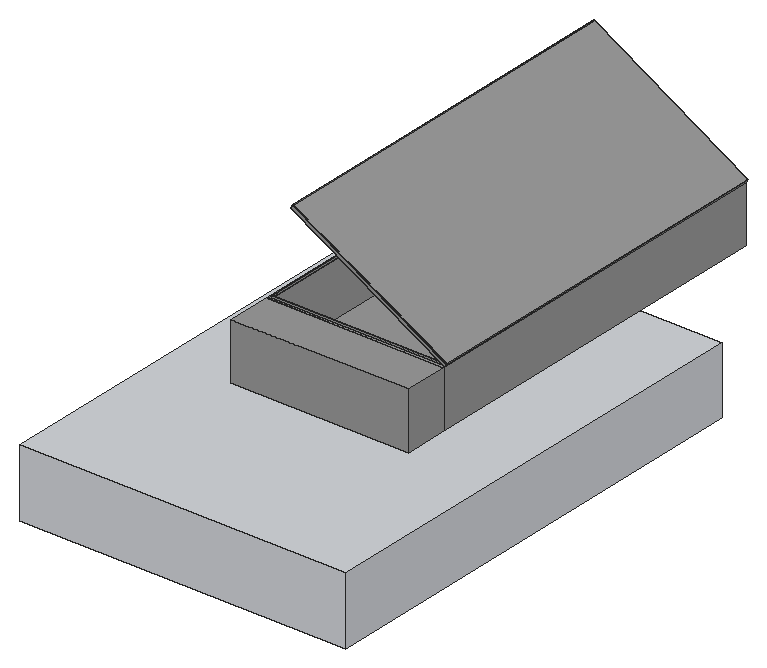
Revit family "Hager-Univers-IP55-D275-H1900-Cl.II-Steel_encl-CH-de", category Equipement électrique, Revit 2020
Family settings
  Hôte = Face
  Configuration du panneau = Deux colonnes, circuits au sein
  Cote de connecteur circulaire = Utiliser le diamètre
  Type d'élément = Tableau de raccordement
  Couper avec des vides une fois chargée = Non
  Partagée = Non
  Point de calcul de pièce = Non
Parameters (values of type "Bodenaufstellung IP55 B800 H1900 T275  - FR13S2")
  Width Control [instance] = if([EF000008 - Breite] > Min Width, [EF000008 - Breite], Min Width)  # 800 mm
  Commentaires du type = [HG000003 - Bereich]  # "Univers"
  Thickness Door [instance] = if([EF009171 - Materialstärke Tür/Deckel] > 3 mm, 3 mm, [EF009171 - Materialstärke Tür/Deckel])  # 1.5 mm
  Seal Frame Offset [instance] = 17 mm  # constant formula
  Plinth Visibility [instance] = [HG000027 - Sockelhöhe] > 0 mm  # yes
  Model = ""
  Min Width [instance] = 100 mm  # constant formula
  Min Height [instance] = 100 mm  # constant formula
  Min Depth [instance] = (2 * [EF009170 - Materialstärke Gehäuse]) + 1 mm  # 4 mm
  Internal Frame Depth [instance] = (Door System Depth * 0.5)  # 9 mm
  Height Control [instance] = if([EF000040 - Höhe] > Min Height, [EF000040 - Höhe], Min Height)  # 1900 mm
  HG000027 - Sockelhöhe = 200 mm
  HG000026 - Stehend auf dem Boden = yes
  HG000024 - Höhe des unteren Teils = 800 mm
  HG000023 - Gehäuse mit doppeltem Querschnitt = no
  HG000016 - 3D-Türsichtbarkeit [instance] = yes
  HG000015 - Sichtbarkeit der Türöffnung [instance] = no
  HG000014 - Tür rechts [instance] = yes
  HG000013 - Tür links [instance] = not([HG000014 - Tür rechts])  # no
  HG000012 - Türschwenkwinkel [instance] = 30.00°
  HG000010 - Asymmetrische Türen = no
  HG000009 - Doppelflügeligen Tür = no
  HG000006 - Unterputz = no
  HG000004 - Herstellerreferenz = "FR13S2"
  HG000003 - Bereich = "Univers"
  HG000002 - Mit tür = yes
  Frame Offset Bottom [instance] = 10 mm  # constant formula
  Frame Offset [instance] = 15 mm  # constant formula
  EF015940 - Deckel mit Überdruckentlastung = no
  EF011959 - Schutzart (NEMA) = ""
  EF009554 - Anzahl der Öffnungen für Flanschplatten = 6
  Fabricant = "Hager"  # constant formula
  EF009212 - Ausführung Deckel = "EV000116 - geschlossen"
  EF009171 - Materialstärke Tür/Deckel = 1.5 mm
  EF009170 - Materialstärke Gehäuse = 1.5 mm
  EF008873 - Nennstrom (In) = 800 A
  EF007800 - Geeignet für Blitzschutz = no
  EF006306 - Mit Schloss = no
  EF006244 - Transparenter Deckel/Tür = no
  EF005474 - Schutzart (IP) = "EV006420 - IP55"
  EF004464 - Art der Tür = "EV002646 - Einzel"
  EF004427 - Anzahl der Module = 396
  EF004293 - Schlagfestigkeit = "EV008784 - IK10"
  EF003532 - Geeignet für Außengebrauch = no
  EF002950 - Breite in Teilungseinheiten = 24
  EF001613 - Funktionserhalt = "EV000494 - ohne"
  EF001596 - Werkstoff des Gehäuses = "EV000179 - Stahl"
  EF001131 - Innentiefe = 275 mm
  EF001088 - Anbaumöglichkeit = yes
  EF000437 - Anzahl der Leitungseinführungen = 6
  EF000339 - Art der Abdeckung = "EV004216 - Tür"
  EF000266 - Anzahl der Reihen = 11
  EF000218 - Einbautiefe = 0 mm
  EF000118 - Mit Montageplatte = no
  EF000116 - RAL-Nummer = "7035"
  EF000049 - Tiefe = 275 mm
  EF000040 - Höhe = 1900 mm
  EF000008 - Breite = 800 mm
  EF000007 - Farbe = "EV000270 - grau"
  EF000003 - Montageart = "EV012274 - Bodenaufstellung"
  Door System Leaf Tolerance [instance] = 1.5 mm  # constant formula
  Door System Depth [instance] = 18 mm  # constant formula
  Door Height [instance] = Height Control - [HG000027 - Sockelhöhe]  # 1700 mm
  Depth Control [instance] = if([EF000049 - Tiefe] > Min Depth, [EF000049 - Tiefe], Min Depth)  # 275 mm
  Default Elevation = 0 mm
  Connector Offset [instance] = Height Control / 2  # 950 mm
  Bottom Top Plate Trim [instance] = 1.5 mm  # constant formula
  Plinth height Ctrl [instance] = if([HG000027 - Sockelhöhe] > 0 mm, [HG000027 - Sockelhöhe], 12 mm)  # 200 mm
Types (5, lengths in mm): name | Width Control | HG000010 - Asymmetrische Türen | HG000009 - Doppelflügeligen Tür | HG000004 - Herstellerreferenz | EF009554 - Anzahl der Öffnungen für Flanschplatten | EF004464 - Art der Tür | EF004427 - Anzahl der Module | EF000437 - Anzahl der Leitungseinführungen | EF000008 - Breite
  Bodenaufstellung IP55 B1050 H1900 T275  - FR14S2 | 1050 | yes | yes | "FR14S2" | 8 | "EV003602 - Doppel" | 528 | 8 | 1050
  Bodenaufstellung IP55 B1300 H1900 T275  - FR15S2 | 1300 | yes | yes | "FR15S2" | 10 | "EV003602 - Doppel" | 660 | 10 | 1300
  Bodenaufstellung IP55 B300 H1900 T275  - FR11S2 | 300 | no | no | "FR11S2" | 2 | "EV002646 - Einzel" | 132 | 2 | 300
  Bodenaufstellung IP55 B550 H1900 T275  - FR12S2 | 550 | no | no | "FR12S2" | 4 | "EV002646 - Einzel" | 264 | 4 | 550
  Bodenaufstellung IP55 B800 H1900 T275  - FR13S2 | 800 | no | no | "FR13S2" | 6 | "EV002646 - Einzel" | 396 | 6 | 800
Reference planes
  plane 1 "Center (Front/Back)": y = 0
  plane 2: z = 0
  plane 3 "Center (Left/Right)": x = 0
  plane 4: z = 275
  plane 5: y = 201.5
  plane 6: y = 1050
  plane 7: y = 200
  plane 8: y = 1900
  plane 9: z = 0
  plane 10: x = -385
  plane 11: x = 385
  plane 12: x = 383.5
  plane 13: x = -383.5
  plane 14: y = 1898.5
  plane 15: x = -383
  plane 16: x = -400
  plane 17: x = 383
  plane 18: x = 400
  plane 19: x = 398.5
  plane 20: x = -398.5
  plane 21: y = 211.5
  plane 22: y = 1900
  plane 23: y = 1883.5
  plane 24: z = 257
  plane 25: z = 1.5
  plane 26: z = 255.5
  plane 27: z = 273.5
Forms (mm)
  Extrusion 1, solid
    sketch origin (0, 0, 0) x (1, 0, 0) y (0, 1, 0)
      loop
        line (-702.964, 1305) -> (-702.964, -811.445) -> (766.763, -811.445) -> (766.763, 1305) -> (-702.964, 1305)
    from 0 to -304.8
  Extrusion 2, solid, material "Hager_Steel_RAL7035_Light_Grey", visible <- "Plinth Visibility", detail levels medium+fine
    sketch origin (0, 0, 0) x (1, 0, 0) y (0, 1, 0)
      loop
        line (-400, 0) -> (400, 0) -> (400, 200) -> (-400, 200) -> (-400, 0)
    from 0 to 257
  Extrusion 3, solid, material "Hager_Steel_RAL7035_Light_Grey", detail levels medium+fine
    sketch origin (0, 0, 0) x (1, 0, 0) y (0, 1, 0)
      loop
        line (-400, 200) -> (400, 200) -> (400, 1900) -> (-400, 1900) -> (-400, 200)
    from 0 to 257
  Extrusion 4, void
    sketch origin (0, 0, 0) x (1, 0, 0) y (0, 1, 0)
      loop
        line (-398.5, 201.5) -> (398.5, 201.5) -> (398.5, 1898.5) -> (-398.5, 1898.5) -> (-398.5, 201.5)
    from 1.5 to 255.5
  Extrusion 5, void
    sketch origin (-381.607, -4572, 257) x (0, -1, 0) y (-1, 0, 0)
      loop
        line (-4783.5, 1.893) -> (-6455.5, 1.893) -> (-6455.5, -765.107) -> (-4783.5, -765.107) -> (-4783.5, 1.893)
    from 0 to 1.5 <- "EF009170 - Materialstärke Gehäuse"
  Extrusion 6, solid, material "Hager_Steel_RAL7035_Light_Grey", detail levels fine
    sketch origin (0, 0, 257) x (1, 0, 0) y (0, 1, 0)
      loop
        line (-383.5, 1883.5) -> (-383.5, 211.5) -> (383.5, 211.5) -> (383.5, 1883.5) -> (-383.5, 1883.5)
      loop
        line (-385, 210) -> (385, 210) -> (385, 1885) -> (-385, 1885) -> (-385, 210)
    from 0 to 9 <- "Internal Frame Depth"
  Extrusion 7, solid, material "Hager_Steel_RAL7035_Light_Grey", detail levels coarse
    sketch origin (0, 0, 0) x (1, 0, 0) y (0, 1, 0)
      loop
        line (-400, 0) -> (400, 0) -> (400, 1900) -> (-400, 1900) -> (-400, 0)
    from 0 to 275
  Sweep 8, void
    path in 3D
      loop
        line (-400, 200, 0) -> (400, 200, 0) -> (400, 200, 257) -> (-400, 200, 257) -> (-400, 200, 0)
    profile origin (-400, 200, 128.5) x (-1, 0, 0) y (0, -1, 0)
      loop
        line (0, 0) -> (0, 1.5) -> (-1.5, 1.5)
        arc (-1.5, 1.5) -> (-1.061, 0.439) -> (0, 0) r 1.5
Cuts and joins
  Extrusion 4, Extrusion 5 cuts Extrusion 3
  Sweep 8 cuts Extrusion 2
Lines and regions (mm)
  Masking region 1
    outline origin (0, 0, 0) x (1, 0, 0) y (0, 0, 1)
      loop
        line (-400, 275) -> (-400, 0) -> (400, 0) -> (400, 275) -> (-400, 275)
  Masking region 2, detail levels medium+fine
    outline origin (0, 140, 0) x (0, 1, 0) y (0, 0, 1)
      loop
        line (60, 0) -> (1760, 0) -> (1760, 257) -> (60, 257) -> (60, 0)
  Masking region 3, not visible, detail levels medium+fine
    outline origin (0, 297.922, 0) x (0, 1, 0) y (0, 0, 1)
      loop
        line (763.578, 0) -> (803.578, 0) -> (803.578, 263.5)
        arc (803.578, 263.5) -> (800.649, 270.571) -> (793.578, 273.5) r 10
        line (793.578, 273.5) -> (763.578, 273.5) -> (763.578, 0)
  Masking region 4, detail levels coarse
    outline origin (0, 0, 180) x (0, 1, 0) y (0, 0, 1)
      loop
        line (0, -180) -> (1900, -180) -> (1900, 95) -> (0, 95) -> (0, -180)
  Masking region 5, visible <- "Plinth Visibility", detail levels medium+fine
    outline origin (0, 52.24, 12.345) x (0, 0, -1) y (0, 1, 0)
      loop
        line (10.845, 147.76) -> (-243.155, 147.76)
        arc (-243.155, 147.76) -> (-243.594, 146.699) -> (-244.655, 146.26) r 1.5
        line (-244.655, 146.26) -> (-244.655, -52.24) -> (12.345, -52.24) -> (12.345, 146.26)
        arc (12.345, 146.26) -> (11.285, 146.699) -> (10.845, 147.76) r 1.5
  Masking region 6, detail levels medium+fine
    outline origin (-381.607, -4572, 257) x (-1, 0, 0) y (0, -1, 0)
      loop
        line (18.393, -6472) -> (18.393, -4772) -> (-781.607, -4772) -> (-781.607, -6472) -> (18.393, -6472)
  Masking region 7, visible <- "Plinth Visibility", detail levels medium+fine
    outline origin (-381.607, -4727, 257) x (-1, 0, 0) y (0, -1, 0)
      loop
        arc (16.893, -4927) -> (17.332, -4925.939) -> (18.393, -4925.5) r 1.5
        line (18.393, -4925.5) -> (18.393, -4727) -> (-781.607, -4727) -> (-781.607, -4925.5)
        arc (-781.607, -4925.5) -> (-780.546, -4925.939) -> (-780.107, -4927) r 1.5
        line (-780.107, -4927) -> (16.893, -4927)
  Masking region 8, detail levels coarse
    outline origin (-442.548, -4669.526, 257) x (-1, 0, 0) y (0, -1, 0)
      loop
        line (-42.548, -6569.526) -> (-42.548, -4669.526) -> (-842.548, -4669.526) -> (-842.548, -6569.526) -> (-42.548, -6569.526)
  sketch lines
    curve 1: line (-400, 200, 257) -> (-400, 200, 0)
    curve 2: line (400, 200, 257) -> (-400, 200, 257)
    curve 3: line (400, 200, 257) -> (400, 200, 0)
    curve 4: line (-400, 200, 0) -> (400, 200, 0)
Dimensions and locks
  "Depth Control": plane 4 to Extrusion 1
  "HG000027 - Sockelhöhe": plane 1 "Center (Front/Back)" to plane 7
  "EF009170 - Materialstärke Gehäuse": plane 5 to plane 7
  locked: connector elem to plane 3 "Center (Left/Right)"
  equal spacing: plane 8, plane 6, plane 7
  locked: connector elem to plane 6
  "EF009170 - Materialstärke Gehäuse": plane 8 to plane 14
  "EF009170 - Materialstärke Gehäuse": plane 10 to plane 13
  "EF009170 - Materialstärke Gehäuse": plane 12 to plane 11
  "Frame Offset": plane 20 to plane 13
  "Frame Offset": plane 12 to plane 19
  "EF009170 - Materialstärke Gehäuse": plane 16 to plane 20
  "EF009170 - Materialstärke Gehäuse": plane 19 to plane 18
  "Seal Frame Offset": plane 16 to plane 15
  "Seal Frame Offset": plane 17 to plane 18
  "Frame Offset Bottom": plane 21 to plane 5
  "Frame Offset": plane 14 to plane 23
  equal spacing: plane 16, plane 3 "Center (Left/Right)", plane 18
  "Width Control": plane 16 to plane 18
  "EF009170 - Materialstärke Gehäuse": plane 4 to plane 27
  "EF009170 - Materialstärke Gehäuse": plane 24 to plane 26
  "EF009170 - Materialstärke Gehäuse": plane 25 to level
  "Door System Depth": plane 4 to plane 24
  "Height Control": plane 1 "Center (Front/Back)" to Extrusion 7 sketch curve
  "Height Control": Masking region 4 sketch curve to plane 1 "Center (Front/Back)"
  "Height Control": plane 1 "Center (Front/Back)" to plane 22
  "Bottom Top Plate Trim": profile plane to Sweep 8 sketch curve
  "Bottom Top Plate Trim": Sweep 8 sketch curve to profile plane
  "Plinth height Ctrl": plane 1 "Center (Front/Back)" to Extrusion 2 sketch curve
  "Plinth height Ctrl": Masking region 5 sketch curve to plane 1 "Center (Front/Back)"
  "Plinth height Ctrl": plane 1 "Center (Front/Back)" to Masking region 7 sketch curve
  "Thickness Door": Extrusion 6 sketch curve to Extrusion 6 sketch curve  (x3)
  "Thickness Door": cut or joined group of Extrusion 3, Extrusion 4, Extrusion 5 to Extrusion 6 sketch curve
  radius of Masking region 3 sketch curve = 10 mm
  "Bottom Top Plate Trim": radius of Masking region 5 sketch curve  (x2)
  "Bottom Top Plate Trim": radius of Sweep 8 sketch curve
  "Bottom Top Plate Trim": radius of Masking region 7 sketch curve  (x2)
  aligned and locked: plane 2 to Extrusion 1
  aligned and locked: level to Extrusion 1
  aligned and locked: level to Masking region 1 sketch curve
  aligned and locked: Masking region 1 sketch curve to plane 18
  aligned and locked: Masking region 1 sketch curve to plane 16
  aligned and locked: plane 7 to Masking region 2 sketch curve
  aligned and locked: level to Masking region 3 sketch curve
  aligned and locked: Masking region 3 sketch curve to plane 27
  aligned and locked: level to Masking region 2 sketch curve
  aligned and locked: plane 1 "Center (Front/Back)" to Extrusion 2 sketch curve
  aligned and locked: Extrusion 3 sketch curve to plane 7
  aligned and locked: plane 16 to Extrusion 3 sketch curve
  aligned and locked: plane 18 to Extrusion 3 sketch curve
  aligned and locked: plane 20 to Extrusion 4 sketch curve
  aligned and locked: plane 19 to Extrusion 4 sketch curve
  aligned and locked: Extrusion 4 sketch curve to plane 5
  aligned and locked: Extrusion 4 to plane 25
  aligned and locked: plane 26 to Extrusion 4
  aligned and locked: plane 24 to Extrusion 3
  aligned and locked: Extrusion 5 sketch curve to plane 21
  aligned and locked: Extrusion 5 sketch curve to plane 13
  aligned and locked: Extrusion 5 sketch curve to plane 12
  aligned and locked: plane 18 to Extrusion 7 sketch curve
  aligned and locked: plane 1 "Center (Front/Back)" to Extrusion 7 sketch curve
  aligned and locked: plane 16 to Extrusion 7 sketch curve
  aligned and locked: plane 4 to Extrusion 7
  aligned and locked: Extrusion 7 to level
  aligned and locked: level to Masking region 4 sketch curve
  aligned and locked: Masking region 4 sketch curve to plane 1 "Center (Front/Back)"
  aligned and locked: Masking region 4 sketch curve to plane 4
  aligned and locked: nested 1 to level
  aligned and locked: nested 1 to plane 16
  aligned and locked: plane 8 to Extrusion 3 sketch curve
  aligned and locked: plane 23 to Extrusion 5 sketch curve
  aligned and locked: plane 14 to Extrusion 4 sketch curve
  aligned and locked: Masking region 2 sketch curve to plane 8
  aligned and locked: level to Masking region 5 sketch curve
  aligned and locked: plane 16 to Extrusion 2 sketch curve
  aligned and locked: plane 18 to Extrusion 2 sketch curve
  aligned and locked: Masking region 5 sketch curve to plane 24
  aligned and locked: Masking region 2 sketch curve to plane 24
  aligned and locked: plane 24 to Extrusion 2
  aligned and locked: profile plane to Sweep 8 sketch curve  (x2)
  aligned and locked: Masking region 6 sketch curve to plane 18
  aligned and locked: Masking region 6 sketch curve to plane 22
  aligned and locked: Masking region 6 sketch curve to plane 16
  aligned and locked: plane 8 to plane 22
  aligned and locked: Masking region 6 sketch curve to plane 7
  aligned and locked: Masking region 7 sketch curve to plane 16
  aligned and locked: Masking region 7 sketch curve to plane 1 "Center (Front/Back)"
  aligned and locked: Masking region 7 sketch curve to plane 18
  aligned and locked: Masking region 8 sketch curve to plane 1 "Center (Front/Back)"
  aligned and locked: Masking region 8 sketch curve to plane 18
  aligned and locked: Masking region 8 sketch curve to plane 22
  aligned and locked: Masking region 8 sketch curve to plane 16
  aligned and locked: nested 2 to plane 7
  aligned and locked: plane 3 "Center (Left/Right)" to nested 2
  aligned and locked: nested 2 to plane 24
  aligned and locked: Extrusion 6 sketch curve to cut or joined group of Extrusion 3, Extrusion 4, Extrusion 5  (x4)
Automatic sketch dimensions
  Extrusion 1 sketch curve to Extrusion 1 sketch curve = 1469.727 mm
  Extrusion 1 sketch curve to Extrusion 1 sketch curve = 2116.445 mm
  Masking region 1 sketch curve to plane 4 = 0 mm
  plane 6 to Masking region 3 sketch curve = 11.5 mm
  Masking region 3 sketch curve to Masking region 3 sketch curve = 30 mm
  Masking region 5 sketch curve to plane 1 "Center (Front/Back)" = 0 mm
Nested families
  nested 1: "Hager_Enclosure_Symbol" at (-400, 0, 0) x (1, 0, 0) z (0, -1, 0), Height <- "Depth Control", Width <- "Width Control", type "Hager_Enclosure_Symbol"
    with Width_Ctrl 800 mm, Width 800 mm, Height_Ctrl 275 mm, Height 275 mm, A_Width_Int 18.047 mm, A_Width 216.562 mm, A_Height_Ctrl 240.625 mm, A_Height 240.625 mm
  nested 2: "EC000058_Univers_Door" at (0, 200, 257) x (1, 0, 0) z (0, 1, 0), Leaf_Tolerance <- "Door System Leaf Tolerance", Angle <- "HG000012 - Türschwenkwinkel", Door_Depth <- "Door System Depth", Door_Left <- "HG000013 - Tür links", Transparent <- "EF006244 - Transparenter Deckel/Tür", Assymetrical <- "HG000010 - Asymmetrische Türen", Width <- "Width Control", Clearance <- "HG000015 - Sichtbarkeit der Türöffnung", Double <- "HG000009 - Doppelflügeligen Tür", 3d_Door <- "HG000016 - 3D-Türsichtbarkeit", Lock_Visibility <- "EF006306 - Mit Schloss", Width_Ctrl <- "Width Control", Door_Right <- "HG000014 - Tür rechts", Door <- "HG000002 - Mit tür", Height <- "Door Height", Thickness <- "Thickness Door", type "EC000058_Univers_Door", detail levels medium+fine
    with min_wh 4 mm, Width_Ctrl 800 mm, Width 800 mm, Transparent no, Thickness 1.5 mm, Seal_Material Hager_Rubber, Lock_Visibility no, Lock_Material Hager_Plastic_RAL9005_Jet_Black, Leaf_Width 800 mm, Leaf_Tolerance_External_Sides 0 mm, Leaf_Tolerance 1.5 mm, Leaf_Offset 0 mm, Leaf_Height 1697 mm, Leaf_2_Width 800 mm, Leaf_2_Offset 400 mm, Leaf_1_Width 800 mm, Leaf_1_Offset 400 mm, Height_Ctrl 1700 mm, Height 1700 mm, Glass_Material Hager_Glass, Double_Clearance_Ctrl no, Double no, Door_Right_Ctrl yes, Door_Right yes, Door_Material Hager_Steel_RAL7035_Light_Grey, Door_Left_Ctrl no, Door_Left no, Door_Depth 18 mm, Door yes, Clearance_Material Hager_Clearance, Clearance_Depth 800 mm, Clearance_Ctrl no, Clearance no, Assymetrical no, Angle 30.00°, 3d_Door yes
Connectors
  electrical at (0, 1050, 0)
    settings: on plane 9, index 1, voltage 0 V, apparent load 0 VA, apparent load phase1 0 VA, apparent load phase2 0 VA, apparent load phase3 0 VA, power factor 1, load classification "Other", number of poles 1, system type 30, power factor state 1, is connector primary yes, connector utility no, sub classification motor no, connector description ""
Definition of nested family "EC000058_Univers_Door"
  Parameters (values of type "EC000058_Univers_Door")
    min_wh [instance] = (2 * Thickness) + 1 mm  # 11 mm
    Width_Ctrl [instance] = 400 mm
    Width [instance] = 500 mm
    Transparent [instance] = yes
    Thickness [instance] = 5 mm
    Seal_Material [instance] = none
    Lock_Visibility [instance] = yes
    Lock_Material [instance] = none
    Leaf_Width [instance] = if((Width_Ctrl - 2 * Leaf_Tolerance_External_Sides) > 0 mm, (Width_Ctrl - 2 * Leaf_Tolerance_External_Sides), min_wh)  # 400 mm
    Leaf_Tolerance_External_Sides [instance] = 0 mm  # constant formula
    Leaf_Tolerance [instance] = 1.5 mm
    Leaf_Offset [instance] = 0 mm  # constant formula
    Leaf_Height [instance] = if((Height_Ctrl - 2 * Leaf_Tolerance) > 0 mm, (Height_Ctrl - 2 * Leaf_Tolerance), min_wh)  # 497 mm
    Leaf_2_Width [instance] = if(and(and(Double, Assymetrical), Door_Left), (Leaf_Width / 3) - (Leaf_Tolerance / 2), if(and(and(Double, Assymetrical), Door_Right), (Leaf_Width / 3) * 2 - (Leaf_Tolerance / 2), if(and(Double, not(Assymetrical)), (Leaf_Width / 2) - Leaf_Tolerance, Leaf_Width)))  # 400 mm
    Leaf_2_Offset [instance] = if(and(Double, Assymetrical), Leaf_2_Width / 2, if(and(Double, not(Assymetrical)), Leaf_Width / 4, Leaf_Width / 2))  # 200 mm
    Leaf_1_Width [instance] = if(and(and(Double, Assymetrical), Door_Right), (Leaf_Width / 3) - (Leaf_Tolerance / 2), if(and(and(Double, Assymetrical), Door_Left), (Width / 3) * 2 - (Leaf_Tolerance / 2), if(and(Double, not(Assymetrical)), (Leaf_Width / 2) - Leaf_Tolerance, Leaf_Width)))  # 400 mm
    Leaf_1_Offset [instance] = if(and(Double, Assymetrical), Leaf_1_Width / 2, if(and(Double, not(Assymetrical)), Leaf_Width / 4, Leaf_Width / 2))  # 200 mm
    Height_Ctrl [instance] = if(Height > min_wh, Height, min_wh)  # 500 mm
    Height [instance] = 500 mm
    Glass_Material [instance] = none
    Double_Clearance_Ctrl [instance] = and(Double, Clearance)  # no
    Double [instance] = no
    Door_Right_Ctrl [instance] = and(or(Door_Right, Double), Door)  # yes
    Door_Right [instance] = yes
    Door_Material [instance] = none
    Door_Left_Ctrl [instance] = and(or(Door_Left, Double), Door)  # no
    Door_Left [instance] = no
    Door_Depth [instance] = 30 mm
    Door [instance] = yes
    Default Elevation = 1219.2 mm
    Clearance_Material [instance] = none
    Clearance_Depth [instance] = if(Leaf_1_Width > Leaf_2_Width, Leaf_1_Width, Leaf_2_Width)  # 400 mm
    Clearance_Ctrl [instance] = and(not(Double), Clearance)  # yes
    Clearance [instance] = yes
    Assymetrical [instance] = yes
    Angle [instance] = 30.00°
    3d_Door [instance] = yes
  Reference planes
    plane 1 "Center (Front/Back)": y = 0
    plane 2 "Bottom": z = 0
    plane 3 "Center (Left/Right)": x = 0
    plane 4: z = 500
    plane 5: x = -200
    plane 6: x = 200
    plane 7: z = 500
    plane 8: x = -200
    plane 9: z = 0
    plane 10: x = 200
    plane 11: y = 0
    plane 12: z = 1.5
    plane 13: x = -600
    plane 14: y = -400
    plane 15: x = 600
    plane 16: x = 0
    plane 17: x = 0
    plane 18: x = -200
    plane 19: x = 200
    plane 20: z = 498.5
  Forms (mm)
    Extrusion 1, solid, material <- "Clearance_Material", visible <- "Double_Clearance_Ctrl"
      sketch origin (1200, 0, 0) x (1, 0, 0) y (0, 0, -1)
        loop
          line (-1800, -498.5) -> (-600, -498.5) -> (-600, 0) -> (-1800, 0) -> (-1800, -498.5)
      from 0 to -400
  Dimensions and locks
    equal spacing: plane 5, plane 3 "Center (Left/Right)", plane 6
    "Width_Ctrl": plane 5 to plane 6
    "Leaf_Offset": plane 5 to plane 8
    "Leaf_Offset": plane 6 to plane 10
    "Leaf_Offset": plane 9 to level
    "Leaf_Offset": plane 4 to plane 7
    "Height_Ctrl": plane 4 to level
    "Leaf_Tolerance": plane 12 to plane 9
    locked: plane 11 to plane 1 "Center (Front/Back)"
    "Leaf_1_Offset": plane 18 to plane 16
    "Leaf_2_Offset": plane 17 to plane 19
    "Leaf_1_Width": plane 13 to plane 8
    "Leaf_2_Width": plane 10 to plane 15
    "Clearance_Depth": plane 14 to plane 1 "Center (Front/Back)"
    "Leaf_Tolerance_External_Sides": plane 8 to plane 18
    "Leaf_Tolerance_External_Sides": plane 19 to plane 10
    "Leaf_Tolerance": plane 7 to plane 20
    aligned and locked: level to plane 2 "Bottom"
    aligned and locked: nested 1 to plane 16
    aligned and locked: nested 2 to plane 17
    aligned and locked: Extrusion 1 to plane 13
    aligned and locked: plane 15 to Extrusion 1
    aligned and locked: Extrusion 1 to plane 14
    aligned and locked: plane 12 to nested 1
    aligned and locked: nested 2 to plane 12
    aligned and locked: Extrusion 1 to plane 11
    aligned and locked: plane 20 to Extrusion 1
    aligned and locked: nested 2 to plane 11
    aligned and locked: nested 1 to plane 11
  Automatic sketch dimensions
    Extrusion 1 sketch curve to level = 0 mm
    plane 5 to Extrusion 1 sketch curve = 400 mm
    plane 6 to Extrusion 1 sketch curve = 400 mm
    Extrusion 1 sketch curve to plane 4 = 1.5 mm
  Nested families
    nested 1: "EC000058_Univers_Door_Leaf" at (0, 0, 1.5), Width <- "Leaf_1_Width", visible <- "Door_Left_Ctrl", Leaf_Height <- "Leaf_Height", Angle <- "Angle", 3d_Door <- "3d_Door", Transparent <- "Transparent", Clearance Material <- "Clearance_Material", Clearance <- "Clearance_Ctrl", Door_Material <- "Door_Material", Glass_Material <- "Glass_Material", Door_Depth <- "Door_Depth", Lock_Material <- "Lock_Material", Seal_Material <- "Seal_Material", Lock_Visibility <- "Lock_Visibility", Thickness <- "Thickness", type "EC000058_Univers_Door_Leaf"
      with Width 400 mm, Transparent_Glass_Offset 30 mm, Transparent_Ctrl yes, Transparent yes, Thickness 5 mm, Standard no, Seal_Material none, Seal_D2 8 mm, Seal_D1 1 mm, Offset_Internal_Frame 10 mm, Lock_Width 20 mm, Lock_Visibility_3d yes, Lock_Visibility yes, Lock_Thickness_3 3 mm, Lock_Thickness_2 1 mm, Lock_Thickness_1 3 mm, Lock_Radius_Offset_2 16 mm, Lock_Radius_Offset_1 15 mm, Lock_Radius_2 5 mm, Lock_Radius 6 mm, Lock_Offset 5 mm, Lock_Material none, Lock_Height 80 mm, Lock_Cover_Top_Offset_2d 17 mm, Lock_Cover_Height -65 mm, Leaf_Height 497 mm, Internal_Seal_Thickness 8 mm, Internal_Seal_Depth_2 4.5 mm, Internal_Frame_Depth 25 mm, Glass_Thickness -1 mm, Glass_Offset -2 mm, Glass_Material none, Door_Material none, Door_Depth 30 mm, Clearance Material none, Clearance yes, Angle_Ctrl 30.00°, Angle 30.00°, 3d_Door yes
    nested 2: "EC000058_Univers_Door_Leaf" at (0, 0, 1.5) x (-1, 0, 0) z (0, 0, 1), Width <- "Leaf_2_Width", visible <- "Door_Right_Ctrl", Leaf_Height <- "Leaf_Height", Angle <- "Angle", 3d_Door <- "3d_Door", Transparent <- "Transparent", Clearance Material <- "Clearance_Material", Clearance <- "Clearance_Ctrl", Door_Material <- "Door_Material", Glass_Material <- "Glass_Material", Door_Depth <- "Door_Depth", Lock_Material <- "Lock_Material", Seal_Material <- "Seal_Material", Lock_Visibility <- "Lock_Visibility", Thickness <- "Thickness", type "EC000058_Univers_Door_Leaf"
      with Width 400 mm, Transparent_Glass_Offset 30 mm, Transparent_Ctrl yes, Transparent yes, Thickness 5 mm, Standard no, Seal_Material none, Seal_D2 8 mm, Seal_D1 1 mm, Offset_Internal_Frame 10 mm, Lock_Width 20 mm, Lock_Visibility_3d yes, Lock_Visibility yes, Lock_Thickness_3 3 mm, Lock_Thickness_2 1 mm, Lock_Thickness_1 3 mm, Lock_Radius_Offset_2 16 mm, Lock_Radius_Offset_1 15 mm, Lock_Radius_2 5 mm, Lock_Radius 6 mm, Lock_Offset 5 mm, Lock_Material none, Lock_Height 80 mm, Lock_Cover_Top_Offset_2d 17 mm, Lock_Cover_Height -65 mm, Leaf_Height 497 mm, Internal_Seal_Thickness 8 mm, Internal_Seal_Depth_2 4.5 mm, Internal_Frame_Depth 25 mm, Glass_Thickness -1 mm, Glass_Offset -2 mm, Glass_Material none, Door_Material none, Door_Depth 30 mm, Clearance Material none, Clearance yes, Angle_Ctrl 30.00°, Angle 30.00°, 3d_Door yes
  Definition of nested family "EC000058_Univers_Door_Leaf"
    Parameters (values of type "EC000058_Univers_Door_Leaf")
      Width [instance] = 2000 mm
      Transparent_Glass_Offset [instance] = 30 mm
      Transparent_Ctrl [instance] = and(Transparent, [3d_Door])  # yes
      Transparent [instance] = yes
      Thickness [instance] = 5 mm
      Standard [instance] = and(not(Transparent), [3d_Door])  # no
      Seal_Material [instance] = none
      Seal_D2 [instance] = 8 mm  # constant formula
      Seal_D1 [instance] = 1 mm  # constant formula
      Offset_Internal_Frame [instance] = 10 mm  # constant formula
      Lock_Width [instance] = 20 mm  # constant formula
      Lock_Visibility_3d [instance] = and(Lock_Visibility, [3d_Door])  # yes
      Lock_Visibility [instance] = yes
      Lock_Thickness_3 [instance] = 3 mm  # constant formula
      Lock_Thickness_2 [instance] = 1 mm  # constant formula
      Lock_Thickness_1 [instance] = 3 mm  # constant formula
      Lock_Radius_Offset_2 [instance] = Lock_Radius_Offset_1 + 1 mm  # 16 mm
      Lock_Radius_Offset_1 [instance] = 15 mm  # constant formula
      Lock_Radius_2 [instance] = Lock_Radius - 1 mm  # 5 mm
      Lock_Radius [instance] = 6 mm  # constant formula
      Lock_Offset [instance] = 5 mm  # constant formula
      Lock_Material [instance] = none
      Lock_Height [instance] = 80 mm  # constant formula
      Lock_Cover_Top_Offset_2d [instance] = Lock_Radius_Offset_2 + 1 mm  # 17 mm
      Lock_Cover_Height [instance] = -(Lock_Height - Lock_Radius_Offset_1)  # -65 mm
      Leaf_Height [instance] = 2720.336 mm
      Internal_Seal_Thickness [instance] = 8 mm  # constant formula
      Internal_Seal_Depth_2 [instance] = 4.5 mm  # constant formula
      Internal_Frame_Depth [instance] = if(Door_Depth - Thickness > 5 mm, Door_Depth - Thickness, 5 mm)  # 25 mm
      Glass_Thickness [instance] = if(Thickness > 15 mm, Glass_Offset + 10 mm, -1 mm)  # -1 mm
      Glass_Offset [instance] = if(Thickness > 15 mm, -(Thickness + 10 mm) / 2, -2 mm)  # -2 mm
      Glass_Material [instance] = none
      Door_Material [instance] = none
      Door_Depth [instance] = 30 mm
      Default Elevation = 0 mm
      Clearance Material [instance] = none
      Clearance [instance] = yes
      Angle_Ctrl [instance] = if(Angle > 180.00°, 180.00°, Angle)  # 90.00°
      Angle [instance] = 90.00°
      3d_Door [instance] = yes
    Reference planes
      plane 1 "Center (Front/Back)": y = 0
      plane 2: z = 0
      plane 3 "Center (Left/Right)": x = 0
      plane 4: y = 2000
      plane 5: x = -1000
      plane 6: x = 1000
      plane 7: x = -3000
      plane 8: z = 2720.336
      plane 9: z = 30
      plane 10: z = 2690.336
      plane 11: x = 970
      plane 12: x = -970
      plane 13: y = -3
      plane 14: z = 107.833
      plane 15: y = -5
      plane 16: y = -223.314
      plane 17: x = -1000
      plane 18: z = 1360.168
      plane 19: y = 30
    Forms (mm)
      Extrusion 1, solid, material <- "Clearance Material", visible <- "Clearance"
        sketch origin (0, 0, 0) x (1, 0, 0) y (0, 0, 1)
          loop
            line (-3000, 2720.336) -> (-3000, 0) -> (1000, 0) -> (1000, 2720.336) -> (-3000, 2720.336)
        from 0 to -2000
      Extrusion 2, solid, material <- "Door_Material", visible <- "Standard", detail levels medium+fine
        sketch origin (-1000, 0, 0) x (0, 1, 0) y (-1, 0, 0)
          loop
            line (0, 30) -> (0, 25) -> (2000, 25) -> (2000, 30) -> (0, 30)
        from 0 to 2720.336 <- "Leaf_Height"
      Extrusion 3, solid, material <- "Door_Material", visible <- "Transparent_Ctrl", detail levels medium+fine
        sketch origin (-1000, 0, 0) x (0, 1, 0) y (-1, 0, 0)
          loop
            line (0, 25) -> (2000, 25) -> (2000, 30) -> (0, 30) -> (0, 25)
        from 0 to 2720.336 <- "Leaf_Height"
      Extrusion 4, void
        sketch origin (-1025, 2000, 0) x (0, 1, 0) y (0, 0, -1)
          loop
            line (-30, -2690.336) -> (-30, -30) -> (-1970, -30) -> (-1970, -2690.336) -> (-30, -2690.336)
        from 0 to 5 <- "Thickness"
      Sweep 5, solid, material <- "Seal_Material", visible <- "Transparent_Ctrl", detail levels fine
        path in 3D
          loop
            line (-1025, 30, 30) -> (-1025, 30, 2690.336) -> (-1025, 1970, 2690.336) -> (-1025, 1970, 30) -> (-1025, 30, 30)
        profile origin (-1025, 1000, 30) x (1, 0, 0) y (0, 0, 1)
          loop
            line (0, 0) -> (0, -8) -> (1, -8) -> (1, 0) -> (0, 0)
      Extrusion 6, solid, material <- "Glass_Material", visible <- "Transparent_Ctrl", detail levels medium+fine
        sketch origin (-1030, 0, 0) x (0, 1, 0) y (0, 0, -1)
          loop
            line (1970, -2690.336) -> (1970, -30) -> (30, -30) -> (30, -2690.336) -> (1970, -2690.336)
        from -2 <- "Glass_Offset" to -1 <- "Glass_Thickness"
      Extrusion 7, solid, material <- "Door_Material", visible <- "3d_Door", detail levels medium+fine
        sketch origin (-1025, 2000, 0) x (0, -1, 0) y (0, 0, -1)
          loop
            line (0, -2720.336) -> (2000, -2720.336) -> (2000, 0) -> (0, 0) -> (0, -2720.336)
          loop
            line (1995, -5) -> (5, -5) -> (5, -2715.336) -> (1995, -2715.336) -> (1995, -5)
        from 0 to 25 <- "Internal_Frame_Depth"
      Sweep 8, solid, material <- "Seal_Material", visible <- "Transparent_Ctrl", detail levels fine
        path in 3D
          loop
            line (-1025, 0, 0) -> (-1025, 2000, 0) -> (-1025, 2000, 2720.336) -> (-1025, 0, 2720.336) -> (-1025, 0, 0)
        profile origin (-1025, 0, 1360.168) x (1, 0, 0) y (0, 1, 0)
          loop
            line (0, 10) -> (2.975, 10)
            arc (2.975, 10) -> (4.053, 10.447) -> (4.5, 11.525) r 1.525
            line (4.5, 11.525) -> (4.5, 16.527)
            arc (4.5, 16.527) -> (4.069, 17.569) -> (3.027, 18) r 1.473
            line (3.027, 18) -> (0, 18) -> (0, 10)
      Extrusion 9, solid, material <- "Lock_Material", visible <- "Lock_Visibility_3d", detail levels fine
        sketch origin (-1030, 0, 0) x (0, 1, 0) y (0, 0, -1)
          loop
            arc (1993.5, -1400.168) -> (1994.561, -1399.729) -> (1995, -1398.668) r 1.5
            line (1995, -1398.668) -> (1995, -1320.168) -> (1975, -1320.168) -> (1975, -1398.668)
            arc (1975, -1398.668) -> (1975.439, -1399.729) -> (1976.5, -1400.168) r 1.5
            line (1976.5, -1400.168) -> (1993.5, -1400.168)
        from 3 <- "Lock_Thickness_1" to 0
      Blend 10, solid, material <- "Lock_Material", visible <- "Lock_Visibility_3d", detail levels fine
        base sketch origin (-1033, 0, 0) x (0, 1, 0) y (0, 0, -1)
          loop
            line (1975, -1320.168) -> (1975, -1398.668)
            arc (1975, -1398.668) -> (1975.439, -1399.729) -> (1976.5, -1400.168) r 1.5
            line (1976.5, -1400.168) -> (1993.5, -1400.168)
            arc (1993.5, -1400.168) -> (1994.561, -1399.729) -> (1995, -1398.668) r 1.5
            line (1995, -1398.668) -> (1995, -1320.168) -> (1975, -1320.168)
        top sketch origin (-1033, 0, 0) x (0, 1, 0) y (0, 0, -1)
          loop
            line (1976, -1320.168) -> (1976, -1398.668)
            arc (1976, -1398.668) -> (1976.146, -1399.022) -> (1976.5, -1399.168) r 0.5
            line (1976.5, -1399.168) -> (1993.5, -1399.168)
            arc (1993.5, -1399.168) -> (1993.854, -1399.022) -> (1994, -1398.668) r 0.5
            line (1994, -1398.668) -> (1994, -1320.168) -> (1976, -1320.168)
        from 0 to 1 <- "Lock_Thickness_2"
      Blend 11, solid, material <- "Lock_Material", visible <- "Lock_Visibility_3d", detail levels fine
        base sketch origin (-1034, 0, 0) x (0, 1, 0) y (0, 0, -1)
          loop
            line (1978, -1320.168) -> (1978, -1384.168)
            arc (1978, -1384.168) -> (1985, -1391.168) -> (1992, -1384.168) r 7
            line (1992, -1384.168) -> (1992, -1320.168) -> (1978, -1320.168)
        top sketch origin (-1034, 0, 0) x (0, 1, 0) y (0, 0, -1)
          loop
            line (1991, -1320.168) -> (1979, -1320.168) -> (1979, -1383.168)
            arc (1979, -1383.168) -> (1985, -1389.168) -> (1991, -1383.168) r 6
            line (1991, -1383.168) -> (1991, -1320.168)
        from 0 to 3 <- "Lock_Thickness_3"
      Extrusion 12, solid, material <- "Lock_Material", visible <- "Lock_Visibility_3d", detail levels fine
        sketch origin (-1030, 1975, 1320.168) x (1, 0, 0) y (0, -1, 0)
          loop
            line (-7, -19) -> (-7, -1) -> (0, -1) -> (0, 0) -> (-8, 0) -> (-8, -20) -> (0, -20) -> (0, -19) -> (-7, -19)
        from 0 to -65 <- "Lock_Cover_Height"
      Extrusion 13, void
        sketch origin (-1038, 1995, 1320.168) x (-1, 0, 0) y (0, 0, -1)
          loop
            line (-5, -65) -> (0, -65) -> (-5, -60) -> (-5, -65)
        from 0 to 20 <- "Lock_Width"
      Extrusion 14, void
        sketch origin (-1038, 1975, 1320.168) x (0, -1, 0) y (0, 0, -1)
          loop
            circle (-10, -15.995) r 6
          loop
            circle (-10, -15.995) r 5
        from 0 to 2
      Extrusion 15, solid, material <- "Lock_Material", visible <- "Lock_Visibility_3d", detail levels medium
        sketch origin (-1030, 0, 0) x (0, 1, 0) y (0, 0, -1)
          loop
            arc (1993.5, -1400.168) -> (1994.561, -1399.729) -> (1995, -1398.668) r 1.5
            line (1995, -1398.668) -> (1995, -1320.168) -> (1975, -1320.168) -> (1975, -1398.668)
            arc (1975, -1398.668) -> (1975.439, -1399.729) -> (1976.5, -1400.168) r 1.5
            line (1976.5, -1400.168) -> (1993.5, -1400.168)
        from 8 to 0
    Cuts and joins
      Extrusion 4 cuts Extrusion 3
      Extrusion 13, Extrusion 14 cuts Extrusion 9
      Extrusion 14 cuts Blend 11
      Extrusion 13, Extrusion 14 cuts Extrusion 12
      joined: Extrusion 9, Blend 10, Blend 11, Extrusion 12
      Extrusion 14 cuts Extrusion 15
    Lines and regions (mm)
      Masking region 1, visible <- "Lock_Visibility", detail levels fine
        outline origin (0, 0, 0) x (0, 1, 0) y (0, 0, 1)
          loop
            line (30, 1320.168) -> (33, 1320.168) -> (33, 1400.168) -> (30, 1400.168) -> (30, 1320.168)
      Masking region 2, visible <- "Lock_Visibility", detail levels fine
        outline origin (0, 3.143, 0) x (0, 1, 0) y (0, 0, 1)
          loop
            line (29.857, 1354.168) -> (30.857, 1354.168) -> (30.857, 1366.168) -> (29.857, 1366.168) -> (29.857, 1354.168)
      Masking region 3, detail levels medium+fine
        outline origin (0, 0, 0) x (0, 1, 0) y (0, 0, 1)
          loop
            line (0, 0) -> (30, 0) -> (30, 2720.336) -> (0, 2720.336) -> (0, 0)
      Masking region 4, detail levels medium+fine
        outline origin (0, 0, 0) x (1, 0, 0) y (0, 0, 1)
          loop
            line (-1000, 2720.336) -> (-1000, 0) -> (1000, 0) -> (1000, 2720.336) -> (-1000, 2720.336)
      Masking region 5, visible <- "Lock_Visibility", detail levels fine
        outline origin (-47.116, 0, 0) x (1, 0, 0) y (0, 0, 1)
          loop
            arc (1024.616, 1399.168) -> (1023.556, 1398.729) -> (1023.116, 1397.668) r 1.5
            line (1023.116, 1397.668) -> (1023.116, 1320.168) -> (1041.116, 1320.168) -> (1041.116, 1397.668)
            arc (1041.116, 1397.668) -> (1040.677, 1398.729) -> (1039.616, 1399.168) r 1.5
            line (1039.616, 1399.168) -> (1024.616, 1399.168)
      Masking region 6, visible <- "Lock_Visibility", detail levels medium+fine
        outline origin (-25, 0, 0) x (1, 0, 0) y (0, 0, 1)
          loop
            arc (1001.5, 1400.168) -> (1000.439, 1399.729) -> (1000, 1398.668) r 1.5
            line (1000, 1398.668) -> (1000, 1320.168) -> (1020, 1320.168) -> (1020, 1398.668)
            arc (1020, 1398.668) -> (1019.561, 1399.729) -> (1018.5, 1400.168) r 1.5
            line (1018.5, 1400.168) -> (1001.5, 1400.168)
      Masking region 7, visible <- "Lock_Visibility", detail levels fine
        outline origin (-73.735, 0, 0) x (1, 0, 0) y (0, 0, 1)
          loop
            line (1051.735, 1382.168) -> (1065.735, 1382.168) -> (1065.735, 1384.168)
            arc (1065.735, 1384.168) -> (1058.735, 1391.168) -> (1051.735, 1384.168) r 7
            line (1051.735, 1384.168) -> (1051.735, 1382.168)
      Masking region 8, visible <- "Lock_Visibility", detail levels fine
        outline origin (-73.735, 0, 0) x (1, 0, 0) y (0, 0, 1)
          loop
            line (1052.735, 1382.168) -> (1064.735, 1382.168) -> (1064.735, 1383.168)
            arc (1064.735, 1383.168) -> (1058.735, 1389.168) -> (1052.735, 1383.168) r 6
            line (1052.735, 1383.168) -> (1052.735, 1382.168)
      Masking region 9, visible <- "Lock_Visibility", detail levels fine
        outline origin (-25, 0, 0) x (1, 0, 0) y (0, 0, 1)
          loop
            line (1020, 1320.168) -> (1020, 1382.168) -> (1000, 1382.168) -> (1000, 1320.168) -> (1020, 1320.168)
      Masking region 10, detail levels medium+fine
        outline origin (0, 0, 0) x (1, 0, 0) y (0, 0, 1)
          loop
            circle (985, 1335.144) r 6
      Masking region 11, detail levels fine
        outline origin (0, 0, 0) x (1, 0, 0) y (0, 0, 1)
          loop
            circle (985, 1335.144) r 5
      Masking region 12, visible <- "Lock_Visibility", detail levels fine
        outline origin (0, 12.767, 0) x (0, 1, 0) y (0, 0, 1)
          loop
            line (20.233, 1320.168) -> (21.233, 1320.168) -> (21.233, 1399.168) -> (20.233, 1400.168) -> (20.233, 1320.168)
      Masking region 13, visible <- "Lock_Visibility", detail levels fine
        outline origin (0, 13.767, -10) x (0, 1, 0) y (0, 0, 1)
          loop
            line (20.233, 1330.168) -> (23.233, 1330.168) -> (23.233, 1399.168) -> (20.233, 1402.168) -> (20.233, 1330.168)
      Masking region 14, visible <- "Lock_Visibility", detail levels fine
        outline origin (0, 12.767, -10) x (0, 1, 0) y (0, 0, 1)
          loop
            line (20.233, 1330.168) -> (25.233, 1330.168) -> (25.233, 1399.305) -> (20.233, 1394.305) -> (20.233, 1330.168)
      Masking region 15, visible <- "Lock_Visibility", detail levels medium
        outline origin (0, 0, 0) x (0, 1, 0) y (0, 0, 1)
          loop
            line (30, 1320.168) -> (38, 1320.168) -> (38, 1400.168) -> (30, 1400.168) -> (30, 1320.168)
      Masking region 16, visible <- "Lock_Visibility", detail levels fine
        outline origin (-1000, 0, 0) x (0, 1, 0) y (-1, 0, 0)
          loop
            line (1975, 30) -> (1995, 30) -> (1995, 38) -> (1975, 38) -> (1975, 30)
          loop
            line (1979, 37) -> (1976, 37) -> (1976, 34) -> (1978, 34) -> (1979, 37)
          loop
            line (1994, 37) -> (1991, 37) -> (1992, 34) -> (1994, 34) -> (1994, 37)
      Masking region 17, visible <- "Lock_Visibility", detail levels medium
        outline origin (-1000, 0, 0) x (0, 1, 0) y (-1, 0, 0)
          loop
            line (1975, 30) -> (1995, 30) -> (1995, 38) -> (1975, 38) -> (1975, 30)
      symbolic lines
        curve 1: line (1000, 0, 0) -> (-3000, 0, 0)
        curve 2: arc (1000, 0, 0) -> (-1000, 2000, 0) -> (-3000, 0, 0) r 2000
        curve 4: line (-1030, 0, 0) -> (-1030, 2000, 0)
      reference lines
        curve 3: line (-1000, 0, 0) -> (-1000, 2000, 0)
      symbolic lines, detail levels medium+fine
        curve 5: line (-1030, 2000, 0) -> (-1025, 2000, 0)
        curve 7: line (-1025, 0, 0) -> (-1030, 0, 0)
        curve 8: line (-1025, 0, 0) -> (-1000, 0, 0)
        curve 9: line (-1000, 0, 0) -> (-1000, 2000, 0)
        curve 10: line (-1000, 2000, 0) -> (-1025, 2000, 0)
      symbolic lines, detail levels fine
        curve 6: line (-1025, 2000, 0) -> (-1025, 0, 0)
      sketch lines
        curve 11: line (-1025, 0, 2720.336) -> (-1025, 0, 0)
        curve 12: line (-1025, 2000, 0) -> (-1025, 0, 0)
        curve 13: line (-1025, 2000, 2720.336) -> (-1025, 2000, 0)
        curve 14: line (-1025, 0, 2720.336) -> (-1025, 2000, 2720.336)
        curve 15: line (-1025, 1970, 30) -> (-1025, 30, 30)
        curve 16: line (-1025, 30, 30) -> (-1025, 30, 2690.336)
        curve 17: line (-1025, 1970, 2690.336) -> (-1025, 1970, 30)
        curve 18: line (-1025, 30, 2690.336) -> (-1025, 1970, 2690.336)
      symbolic lines, visible <- "Transparent", detail levels medium+fine
        curve 19: line (-970, 0, 2690.336) -> (970, 0, 2690.336)
        curve 20: line (-970, 0, 30) -> (-970, 0, 2690.336)
        curve 21: line (970, 0, 30) -> (-970, 0, 30)
        curve 22: line (970, 0, 2690.336) -> (970, 0, 30)
    Dimensions and locks
      "Width": plane 1 "Center (Front/Back)" to plane 4
      equal spacing: plane 5, plane 3 "Center (Left/Right)", plane 6
      "Width": plane 5 to plane 6
      "Width": plane 7 to plane 5
      "Leaf_Height": plane 8 to level
      "Width": curve 5 to curve 3
      "Width": curve 3 to curve 3
      plane 8 to plane 10 = 30 mm
      plane 9 to level = 30 mm
      plane 12 to plane 5 = 30 mm
      plane 6 to plane 11 = 30 mm
      Extrusion 1 to Extrusion 4 sketch curve = 30 mm
      "Transparent_Glass_Offset": curve 3 to Extrusion 4 sketch curve
      "Transparent_Glass_Offset": Extrusion 4 sketch curve to cut or joined group of Extrusion 3, Extrusion 4  (x2)
      cut or joined group of Extrusion 3, Extrusion 4 to Extrusion 6 sketch curve = 30 mm
      "Transparent_Glass_Offset": cut or joined group of Extrusion 3, Extrusion 4 to Extrusion 4 sketch curve
      "Thickness": curve 6 to curve 4
      "Thickness": Extrusion 7 sketch curve to Extrusion 7 sketch curve  (x4)
      "Door_Depth": curve 4 to curve 3
      "Offset_Internal_Frame": profile plane to Sweep 8 sketch curve
      "Internal_Seal_Thickness": Sweep 8 sketch curve to Sweep 8 sketch curve
      "Internal_Seal_Depth_2": profile plane to Sweep 8 sketch curve
      "Seal_D1": profile plane to Sweep 5 sketch curve
      "Seal_D2": profile plane to Sweep 5 sketch curve
      "Thickness": Extrusion 2 sketch curve to Extrusion 2 sketch curve
      equal spacing: Extrusion 9 sketch curve, plane 18, Extrusion 9 sketch curve  (x2)
      equal spacing: Masking region 1 sketch curve, plane 18, Masking region 1 sketch curve
      "Lock_Height": Masking region 1 sketch curve to Masking region 1 sketch curve
      "Lock_Radius": Masking region 2 sketch curve to plane 18 to Masking region 2 sketch curve
      Masking region 2 sketch curve to Masking region 1 = 1 mm
      "Door_Depth": plane 19 to plane 1 "Center (Front/Back)"
      "Lock_Thickness_1": Masking region 1 sketch curve to plane 19
      "Lock_Width": Extrusion 9 sketch curve to Extrusion 9 sketch curve
      "Lock_Height": Extrusion 9 sketch curve to Extrusion 9 sketch curve
      "Lock_Offset": cut or joined group of Extrusion 3, Extrusion 4 to Extrusion 9 sketch curve
      equal spacing: plane 8, plane 18, level
      "Lock_Radius_Offset_1": Blend 11 sketch curve to Blend 10
      locked: Blend 10 to Blend 11 sketch curve at 2  (x2)
      locked: var sketch to Blend 11 sketch curve at 1  (x2)
      "Lock_Radius_Offset_2": Blend 11 sketch curve to Blend 10
      locked: Extrusion 12 sketch curve to Extrusion 12 sketch curve at 1  (x3)
      Masking region 6 sketch curve to Masking region 6 sketch curve = 80 mm
      "Lock_Height": Masking region 6 sketch curve to Masking region 6 sketch curve
      "Lock_Width": Masking region 6 sketch curve to Masking region 6 sketch curve
      locked: Masking region 6 to Masking region 5 sketch curve at 1  (x3)
      locked: Masking region 5 to Masking region 7 sketch curve at 2  (x2)
      "Lock_Radius_Offset_1": Masking region 5 to Masking region 7 sketch curve
      "Lock_Radius_Offset_2": Masking region 5 to Masking region 8 sketch curve
      locked: Masking region 7 to Masking region 8 sketch curve at 1  (x2)
      "Lock_Cover_Top_Offset_2d": Masking region 5 to Masking region 9 sketch curve
      equal spacing: Masking region 9, Masking region 10 sketch curve, Masking region 9
      equal spacing: Masking region 9, Masking region 11 sketch curve, Masking region 9
      Extrusion 15 sketch curve to Extrusion 15 sketch curve = 80 mm
      "Lock_Width": Extrusion 15 sketch curve to Extrusion 15 sketch curve
      "Lock_Height": Extrusion 15 sketch curve to Extrusion 15 sketch curve
      equal spacing: Extrusion 15 sketch curve, plane 18, Extrusion 15 sketch curve
      "Lock_Thickness_3": Masking region 13 sketch curve to Masking region 13 sketch curve
      "Lock_Height": Masking region 12 sketch curve to Masking region 12 sketch curve
      locked: Masking region 13 sketch curve to Masking region 1 at 8
      locked: Masking region 14 sketch curve to Masking region 13 at 1
      locked: Masking region 14 sketch curve to Masking region 1 at 10.863
      "Lock_Height": Masking region 15 sketch curve to Masking region 15 sketch curve
      "Lock_Offset": Extrusion 15 sketch curve to cut or joined group of Extrusion 3, Extrusion 4
      "Lock_Offset": plane 6 to Masking region 6 sketch curve
      radius of Sweep 8 sketch curve = 1.525 mm
      radius of Sweep 8 sketch curve = 1.473 mm
      radius of Extrusion 9 sketch curve = 1.5 mm  (x2)
      "Lock_Radius": radius of Extrusion 14 sketch curve
      "Lock_Radius_2": radius of Extrusion 14 sketch curve
      "Lock_Radius": radius of Masking region 10 sketch curve
      "Lock_Radius_2": radius of Masking region 11 sketch curve
      radius of Extrusion 15 sketch curve = 1.5 mm  (x2)
      "Angle_Ctrl": angle plane 1 "Center (Front/Back)" to curve 3
      locked: Masking region 12 sketch curve to Masking region 12 sketch curve (angle 45.00°)
      locked: Masking region 13 sketch curve to Masking region 13 sketch curve (angle 45.00°)
      locked: Masking region 14 sketch curve to Masking region 14 sketch curve (angle 45.00°)
      aligned and locked: level to plane 2
      aligned and locked: Extrusion 1 to curve 1
      aligned and locked: plane 6 to Extrusion 1
      aligned and locked: Extrusion 1 to plane 1 "Center (Front/Back)"
      aligned and locked: plane 4 to Extrusion 1
      aligned and locked: plane 8 to Extrusion 1
      aligned and locked: curve 7 to Extrusion 2 sketch curve
      aligned and locked: curve 5 to Extrusion 2 sketch curve
      aligned and locked: curve 7 to Extrusion 3 sketch curve
      aligned and locked: Extrusion 3 sketch curve to curve 4
      aligned and locked: Extrusion 3 sketch curve to curve 6
      aligned and locked: Extrusion 3 sketch curve to curve 5
      aligned and locked: curve 9 to curve 3
      aligned and locked: Extrusion 7 sketch curve to cut or joined group of Extrusion 3, Extrusion 4  (x4)
      aligned and locked: plane 17 to curve 3
      aligned and locked: plane 1 "Center (Front/Back)" to curve 3
      aligned and locked: plane 17 to plane 5
      aligned and locked: Sweep 8 sketch curve to profile plane
      aligned and locked: Sweep 5 sketch curve to profile plane  (x2)
      aligned and locked: Masking region 1 to Masking region 2 sketch curve
      aligned and locked: plane 19 to Masking region 1 sketch curve
      aligned and locked: plane 1 "Center (Front/Back)" to Masking region 3 sketch curve
      aligned and locked: plane 19 to Masking region 3 sketch curve
      aligned and locked: level to Masking region 3 sketch curve
      aligned and locked: Masking region 3 sketch curve to plane 8
      aligned and locked: plane 17 to Masking region 4 sketch curve
      aligned and locked: level to Masking region 4 sketch curve
      aligned and locked: Masking region 4 sketch curve to plane 8
      aligned and locked: plane 12 to curve 20
      aligned and locked: plane 10 to curve 19
      aligned and locked: plane 11 to curve 22
      aligned and locked: curve 21 to plane 9
      aligned and locked: Extrusion 2 sketch curve to cut or joined group of Extrusion 3, Extrusion 4
      aligned and locked: Blend 10 sketch curve to Extrusion 9  (x4)
      aligned and locked: Extrusion 9 to Blend 10 sketch curve
      aligned and locked: Blend 10 to Blend 11 sketch curve
      aligned and locked: Extrusion 12 sketch curve to Blend 11
      aligned and locked: Extrusion 12 sketch curve to Extrusion 9  (x4)
      aligned and locked: Masking region 5 sketch curve to Masking region 6
      aligned and locked: Masking region 9 sketch curve to Masking region 6  (x3)
      aligned and locked: Masking region 12 sketch curve to Masking region 1
      aligned and locked: Masking region 13 sketch curve to Masking region 1
      aligned and locked: Masking region 12 to Masking region 14
      aligned and locked: Masking region 14 sketch curve to Masking region 1
      aligned and locked: Masking region 15 sketch curve to Masking region 14
      aligned and locked: Masking region 13 sketch curve to Masking region 12
      aligned and locked: Masking region 16 sketch curve to cut or joined group of Extrusion 14, Extrusion 15  (x4)
      aligned and locked: Masking region 16 sketch curve to cut or joined group of Extrusion 9, Blend 10, Blend 11, Extrusion 12, Extrusion 13, Extrusion 14  (x6)
      aligned and locked: cut or joined group of Extrusion 9, Blend 10, Blend 11, Extrusion 12, Extrusion 13, Extrusion 14 to Masking region 16 sketch curve
      aligned and locked: Masking region 17 sketch curve to cut or joined group of Extrusion 14, Extrusion 15  (x3)
      aligned and locked: Masking region 17 sketch curve to cut or joined group of Extrusion 9, Blend 10, Blend 11, Extrusion 12, Extrusion 13, Extrusion 14
      aligned and locked: Masking region 9 to Masking region 8 sketch curve
      aligned and locked: Masking region 9 to Masking region 7 sketch curve
    Automatic sketch dimensions
      plane 1 "Center (Front/Back)" to curve 2 = 0 mm
      curve 2 to plane 5 = 0 mm
      Extrusion 1 sketch curve to level = 0 mm
      Extrusion 1 sketch curve to plane 7 = 0 mm
      Extrusion 1 sketch curve to plane 6 = 0 mm
      Extrusion 1 sketch curve to plane 8 = 0 mm
      Extrusion 3 to Extrusion 6 sketch curve = 30 mm  (x4)
      Masking region 4 sketch curve to plane 6 = 0 mm
      Blend 10 sketch curve to Extrusion 9 = 1.5 mm
      Blend 10 sketch curve to Extrusion 9 = 1 mm
      Extrusion 13 sketch curve to Extrusion 12 = 0 mm  (x2)
      Extrusion 12 to Extrusion 13 sketch curve = 3 mm
      Extrusion 13 sketch curve to Extrusion 12 = 5 mm
      Extrusion 14 sketch curve to Extrusion 14 sketch curve = 0 mm  (x2)
      Extrusion 14 sketch curve to Extrusion 12 = 10 mm
      Extrusion 14 sketch curve to Extrusion 12 = 15.995 mm
      Masking region 5 sketch curve to Masking region 5 sketch curve = 1.5 mm  (x2)
      Masking region 10 sketch curve to plane 18 = 25.024 mm
      Masking region 11 sketch curve to plane 18 = 25.024 mm
      plane 19 to Masking region 14 sketch curve = 3 mm
      Masking region 16 sketch curve to Masking region 16 sketch curve = 3 mm
      curve 4 to curve 3 = 0 mm
      Blend 10 to Blend 11 sketch curve = 0 mm
      Masking region 6 sketch curve to Masking region 6 sketch curve = 1.5 mm  (x2)
      Masking region 6 sketch curve to plane 18 = 40 mm
      plane 19 to Masking region 12 sketch curve = 3 mm
      Masking region 12 sketch curve to Masking region 12 sketch curve = 1 mm
      Masking region 15 sketch curve to plane 19 = 0 mm
      Masking region 15 sketch curve to plane 18 = 40 mm
      radius of Blend 10 sketch curve to Extrusion 9 = 1 mm
Definition of nested family "Hager_Enclosure_Symbol"
  Parameters (values of type "Hager_Enclosure_Symbol")
    Width_Ctrl [instance] = if(Width > 1 mm, Width, 1 mm)  # 102.27 mm
    Width [instance] = 102.27 mm
    Height_Ctrl [instance] = if(Height > 1 mm, Height, 1 mm)  # 66.5 mm
    A_Width_Int [instance] = if(A_Width / 12 > 2 mm, A_Width / 12, 2 mm)  # 4.364 mm
    A_Width [instance] = if(A_Height_Ctrl * 0.9 > 2 mm, A_Height_Ctrl * 0.9, 2 mm)  # 52.369 mm
    A_Height_Ctrl [instance] = if(A_Height > 2 mm, A_Height, 2 mm)  # 58.188 mm
    Height [instance] = 66.5 mm
    A_Height [instance] = Height - (Height / 8)  # 58.188 mm
  Reference planes
    plane 1 "Centre (avant/arrière)": y = 0
    plane 2: z = 0
    plane 3 "Centre (gauche/droite)": x = 0
    plane 4: x = 52.369
    plane 5: y = 33.042
    plane 6: y = 41.77
    plane 7: y = 66.5
    plane 8: x = 26.184
    plane 9: y = 37.406
    plane 10: x = 102.27
    plane 11: y = 66.5
    plane 12: y = 8.313
  Lines and regions (mm)
    Filled region 1, type "Solid_Black", in view "Niveau de réf."
      outline origin (0, 0, 0) x (1, 0, 0) y (0, 1, 0)
        loop
          line (52.369, 66.5) -> (33.188, 54.536) -> (45.365, 45.006) -> (52.369, 66.5)
    Filled region 2, type "Solid_Black", in view "Niveau de réf."
      outline origin (0, 0, 0) x (1, 0, 0) y (0, 1, 0)
        loop
          line (0, 0) -> (102.27, 0) -> (102.27, 66.5) -> (0, 0)
    detail lines, in view "Niveau de réf."
      curve 1: line (0, 8.313, 0) -> (26.184, 41.77, 0)
      curve 2: line (26.184, 41.77, 0) -> (26.184, 33.042, 0)
      curve 3: line (26.184, 33.042, 0) -> (52.369, 66.5, 0)
  Dimensions and locks
    "A_Width": plane 3 "Centre (gauche/droite)" to plane 4
    equal spacing: plane 3 "Centre (gauche/droite)", plane 8, plane 4
    equal spacing: plane 6, plane 9, plane 5
    equal spacing: curve 3, Filled region 1 sketch curve, Filled region 1 sketch curve
    "Height_Ctrl": plane 1 "Centre (avant/arrière)" to plane 11
    "A_Height_Ctrl": plane 11 to plane 12
    equal spacing: plane 11, plane 9, plane 12
    "A_Width_Int": plane 6 to plane 9
    "Width_Ctrl": plane 3 "Centre (gauche/droite)" to plane 10
    angle Filled region 1 sketch curve to curve 3 = 20.00°
    angle curve 3 to Filled region 1 sketch curve = 20.00°
    locked: curve 3 to Filled region 1 sketch curve (angle 90.00°)
    aligned and locked: plane 10 to Filled region 2
    aligned and locked: plane 11 to Filled region 2 sketch curve
    aligned and locked: plane 10 to Filled region 2 sketch curve
    aligned and locked: plane 3 "Centre (gauche/droite)" to curve 1
    aligned and locked: plane 12 to curve 1
    aligned and locked: plane 7 to plane 11
  Automatic sketch dimensions
    Filled region 1 sketch curve to plane 4 = 0 mm
    Filled region 1 sketch curve to plane 7 = 0 mm
    plane 1 "Centre (avant/arrière)" to Filled region 2 sketch curve = 0 mm
    Filled region 2 sketch curve to plane 3 "Centre (gauche/droite)" = 0 mm
    curve 2 to plane 6 = 0 mm
    curve 2 to plane 8 = 0 mm
    curve 3 to plane 4 = 0 mm
    curve 2 to plane 5 = 0 mm
    curve 3 to plane 7 = 0 mm
